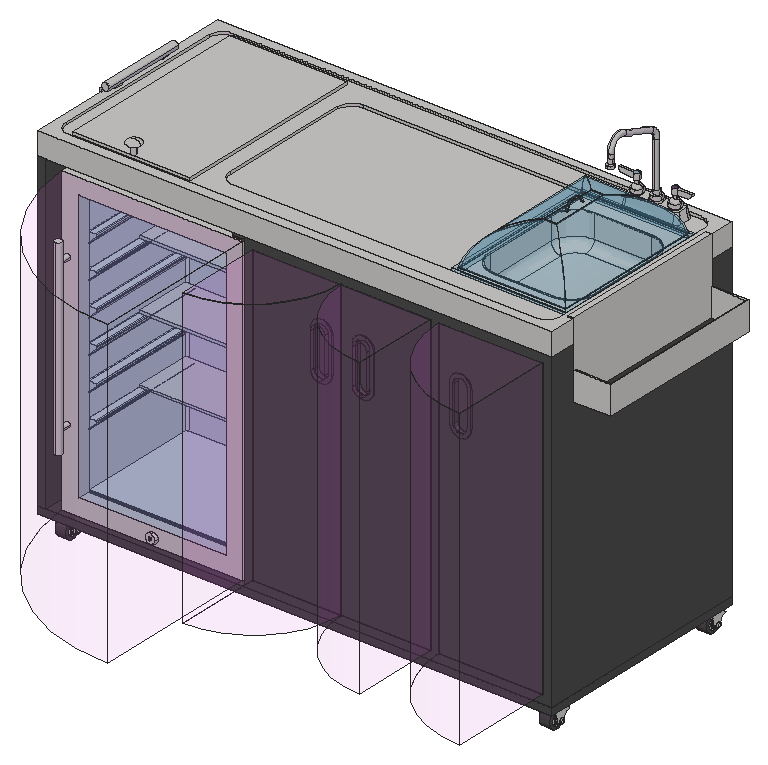
Revit family "QF_Summit_CARTOS54RG_Mobile_Outdoor_Serving_Station_with_Refrigerator", category Specialty Equipment, Revit 2020
Family settings
  Round Connector Dimension = Use Diameter
  Part Type = Normal
  Work Plane-Based = No
  Always vertical = Yes
  Cut with Voids When Loaded = No
  Shared = No
  Room Calculation Point = No
Parameters
  Weight in Pounds = 180
  Watts = Volts * FL Amps  # 0 W
  Volts = 0 V
  URL Cutsheet = ""
  Specification by User = ""
  Specification by Manufacturer = ""
  Show RHD [instance] = yes
  Show LHD [instance] = not(Show RHD)  # no
  Show Clearance [instance] = yes
  Serial Number = ""
  Seismic Rating = ""
  SMACNA No = ""
  Revision Code = ""
  Refrigerant Volume = 0.00 kip
  Refrigerant Type = "R600a"
  Phase = 0
  Number of Poles = 1
  NAFEM Spec ID Number = ""
  Model = "CARTOS54RG"
  Min Ckt Ampacity = 0 A
  Max Overcurrent Protection = 0 A
  Masterspec = ""
  Manufacturer = "Summit"
  Length = 57 7/8"
  Item Number = ""
  Installed By = ""
  Identify Quantity as Lot = yes
  Height = 38 1/2"
  HP = ""
  Furnished By = ""
  Foodservice Equipment Identifier = yes
  FL Amps = 0 A
  Electrical Remarks = ""
  Electric Connection Type = ""
  Elec Conn RI Height = 0"
  Elec Conn Connection Height = 0"
  Description = "Mobile Outdoor Serving Station with Refrigerator"
  Depth = 23 5/8"
  Default Elevation = 0"
  Cycle = 0 Hz
  Conn Plug = ""
  Conn Conduit = yes
  CSI MasterFormat = ""
  Apparent Power = if(Phase = 3, Volts * FL Amps * 1.73, Volts * FL Amps)  # 0 VA
Reference planes (in)
  plane 1 "BACK": y = 0
  plane 2: z = 0
  plane 3 "LEFT": x = -5.125
  plane 4 "RIGHT": x = 48.75
  plane 5 "FRONT": y = -23.625
  plane 6 "TOP": z = 38.5
  plane 7 "Center Y": x = 21.8125
  plane 8 "Center X": y = -11.8125
  plane 9 "Base Height": z = 2.5
  plane 10: y = -38.63
  plane 11: z = 3.25
  plane 12: x = 36
  plane 13: x = 52.75
Forms (in)
  Extrusion 1, solid, material "QF_Metal - Stainless - Polished"
    sketch origin (32, 0, 38.5) x (-1, 0, 0) y (0, -1, 0)
      loop
        line (-16.75, 0) -> (37.125, 0) -> (37.125, 23.625) -> (-16.75, 23.625) -> (-16.75, 0)
      loop
        line (-15.0625, 15.73093) -> (-15.0625, 7.73093)
        arc (-15.0625, 7.73093) -> (-14.31196, 5.91896) -> (-12.5, 5.16843) r 2.5625
        line (-12.5, 5.16843) -> (-6.5, 5.16843)
        arc (-6.5, 5.16843) -> (-4.68804, 5.91896) -> (-3.9375, 7.73093) r 2.5625
        line (-3.9375, 7.73093) -> (-3.9375, 15.73093)
        arc (-3.9375, 15.73093) -> (-4.68804, 17.54289) -> (-6.5, 18.29343) r 2.5625
        line (-6.5, 18.29343) -> (-12.5, 18.29343)
        arc (-12.5, 18.29343) -> (-14.31196, 17.54289) -> (-15.0625, 15.73093) r 2.5625
    from 0 to -2.375
  Sweep 2, solid, material "QF_Metal - Stainless - Polished"
    path origin (31.7054, 0.875, 0) x (1, 0, 0) y (0, 1, 0)
      loop
        arc (4.2946, -16.60593) -> (5.02683, -18.37369) -> (6.7946, -19.10593) r 2.5
        line (6.7946, -19.10593) -> (12.7946, -19.10593)
        arc (12.7946, -19.10593) -> (14.56236, -18.37369) -> (15.2946, -16.60593) r 2.5
        line (15.2946, -16.60593) -> (15.2946, -8.60593)
        arc (15.2946, -8.60593) -> (14.56236, -6.83816) -> (12.7946, -6.10593) r 2.5
        line (12.7946, -6.10593) -> (6.7946, -6.10593)
        arc (6.7946, -6.10593) -> (5.02683, -6.83816) -> (4.2946, -8.60593) r 2.5
        line (4.2946, -8.60593) -> (4.2946, -16.60593)
    profile origin (36, -11.73093, 0) x (-1, 0, 0) y (0, 0, 1)
      loop
        line (0, 38) -> (0, 35.5625)
        arc (0, 35.5625) -> (-0.29289, 34.85539) -> (-1, 34.5625) r 1
        line (-1, 34.5625) -> (-1, 34.5)
        arc (-1, 34.5) -> (-0.2487, 34.8112) -> (0.0625, 35.5625) r 1.0625
        line (0.0625, 35.5625) -> (0.0625, 38) -> (0, 38)
  Extrusion 3, solid, material "QF_Plastic - Black - Smooth"
    sketch origin (-18.18739, -180, 2.5) x (-1, 0, 0) y (0, -1, 0)
      loop
        line (-66.93739, -180) -> (-13.06239, -180) -> (-13.06239, -156.375) -> (-13.93739, -156.375) -> (-13.93739, -179) -> (-34.81239, -179) -> (-34.81239, -156.375) -> (-35.68739, -156.375) -> (-35.68739, -179) -> (-66.06239, -179) -> (-66.06239, -156.375) -> (-66.93739, -156.375) -> (-66.93739, -180)
    from 0.75 to 33.625
  Extrusion 4, solid, material "QF_Plastic - Black - Smooth"
    sketch origin (-4.25, -23.625, 2.5) x (-1, 0, 0) y (0, 0, -1)
      loop
        line (-52.125, -33.625) -> (-41.25, -33.625) -> (-41.25, -32.75) -> (-52.125, -32.75) -> (-52.125, -33.625)
      loop
        line (-40.375, -33.625) -> (-21.75, -33.625) -> (-21.75, -32.75) -> (-40.375, -32.75) -> (-40.375, -33.625)
    from 0 to -1
  Extrusion 5, solid, material "QF_Plastic - Black - Smooth"
    sketch origin (4.5, -1, 2.5) x (1, 0, 0) y (0, 0, 1)
      loop
        line (43.375, 1.625) -> (13, 1.625) -> (13, 0.75) -> (43.375, 0.75) -> (43.375, 1.625)
    from 0 to 22.625
  Extrusion 6, solid, material "QF_Plastic - Black - Smooth"
    sketch origin (20, -23.625, 2.5) x (-1, 0, 0) y (0, 0, -1)
      loop
        line (-27.875, -1.625) -> (-27.875, -32.75) -> (-17, -32.75) -> (-17, -1.625) -> (-27.875, -1.625)
      loop
        line (-16.125, -32.75) -> (-6.8125, -32.75) -> (-6.8125, -1.625) -> (-16.125, -1.625) -> (-16.125, -32.75)
      loop
        line (-6.6875, -32.75) -> (2.5, -32.75) -> (2.5, -1.625) -> (-6.6875, -1.625) -> (-6.6875, -32.75)
    from 0 to -1
  Extrusion 7, void
    sketch origin (7.40962, -23.625, 2.5) x (-1, 0, 0) y (0, 0, -1)
      loop
        arc (-32.59038, -27.625) -> (-31.84038, -28.375) -> (-31.09038, -27.625) r 0.75
        line (-31.09038, -27.625) -> (-31.09038, -23.875)
        arc (-31.09038, -23.875) -> (-31.84038, -23.125) -> (-32.59038, -23.875) r 0.75
        line (-32.59038, -23.875) -> (-32.59038, -27.625)
    from 0.5 to -0.5009
  Extrusion 8, solid, material "QF_Plastic - Black - Smooth"
    sketch origin (27.47212, -23.625, 2.5) x (-1, 0, 0) y (0, 0, -1)
      loop
        arc (3.53462, -23.875) -> (2.78462, -23.125) -> (2.03462, -23.875) r 0.75
        line (2.03462, -23.875) -> (2.03462, -27.625)
        arc (2.03462, -27.625) -> (2.78462, -28.375) -> (3.53462, -27.625) r 0.75
        line (3.53462, -27.625) -> (3.53462, -23.875)
      loop
        line (3.90962, -27.625) -> (3.90962, -23.875)
        arc (3.90962, -23.875) -> (2.78462, -22.75) -> (1.65962, -23.875) r 1.125
        line (1.65962, -23.875) -> (1.65962, -27.625)
        arc (1.65962, -27.625) -> (2.78462, -28.75) -> (3.90962, -27.625) r 1.125
    from 0 to 0.0625
  Extrusion 9, solid, material "QF_Metal - Stainless - Polished"
    sketch origin (17.8135, 0.875, 5.375) x (1, 0, 0) y (0, 1, 0)
      loop
        line (19.1865, -8.60593) -> (19.1865, -16.60593)
        arc (19.1865, -16.60593) -> (19.62584, -17.66659) -> (20.6865, -18.10593) r 1.5
        line (20.6865, -18.10593) -> (26.6865, -18.10593)
        arc (26.6865, -18.10593) -> (27.74716, -17.66659) -> (28.1865, -16.60593) r 1.5
        line (28.1865, -16.60593) -> (28.1865, -8.60593)
        arc (28.1865, -8.60593) -> (27.74716, -7.54527) -> (26.6865, -7.10593) r 1.5
        line (26.6865, -7.10593) -> (20.6865, -7.10593)
        arc (20.6865, -7.10593) -> (19.62584, -7.54527) -> (19.1865, -8.60593) r 1.5
      loop
        circle (22.6865, -15.35593) r 0.875
    from 29.125 to 29.1875
  Extrusion 10, solid, material "QF_Clearances_Door_Drawer", visible <- "Show Clearance"
    sketch origin (-7.19319, 0, 0) x (1, 0, 0) y (0, 1, 0)
      loop
        line (33.88069, -23.625) -> (24.69319, -23.625) -> (24.69319, -32.8125)
        arc (24.69319, -32.8125) -> (31.18974, -30.12154) -> (33.88069, -23.625) r 9.1875
      loop
        arc (34.00569, -23.625) -> (36.73326, -30.20993) -> (43.31819, -32.9375) r 9.3125
        line (43.31819, -32.9375) -> (43.31819, -23.625) -> (34.00569, -23.625)
      loop
        arc (44.19319, -23.625) -> (47.37841, -31.31479) -> (55.06819, -34.5) r 10.875
        line (55.06819, -34.5) -> (55.06819, -23.625) -> (44.19319, -23.625)
    from 4.125 to 35.25
  Extrusion 11, void
    sketch origin (32, 0, 38.5) x (-1, 0, 0) y (0, -1, 0)
      loop
        line (36.125, 2.35593) -> (36.125, 21.125)
        arc (36.125, 21.125) -> (35.68566, 22.18566) -> (34.625, 22.625) r 1.5
        line (34.625, 22.625) -> (-14.25, 22.625)
        arc (-14.25, 22.625) -> (-15.31066, 22.18566) -> (-15.75, 21.125) r 1.5
        line (-15.75, 21.125) -> (-15.75, 2.35593)
        arc (-15.75, 2.35593) -> (-15.31066, 1.29527) -> (-14.25, 0.85593) r 1.5
        line (-14.25, 0.85593) -> (34.625, 0.85593)
        arc (34.625, 0.85593) -> (35.68566, 1.29527) -> (36.125, 2.35593) r 1.5
      loop
        line (-6.5, 18.29343) -> (-12.5, 18.29343)
        arc (-12.5, 18.29343) -> (-14.31196, 17.54289) -> (-15.0625, 15.73093) r 2.5625
        line (-15.0625, 15.73093) -> (-15.0625, 7.73093)
        arc (-15.0625, 7.73093) -> (-14.31196, 5.91896) -> (-12.5, 5.16843) r 2.5625
        line (-12.5, 5.16843) -> (-6.5, 5.16843)
        arc (-6.5, 5.16843) -> (-4.68804, 5.91896) -> (-3.9375, 7.73093) r 2.5625
        line (-3.9375, 7.73093) -> (-3.9375, 15.73093)
        arc (-3.9375, 15.73093) -> (-4.68804, 17.54289) -> (-6.5, 18.29343) r 2.5625
    from -0.25 to 1
  Extrusion 12, void
    sketch origin (32, 0, 38.25) x (-1, 0, 0) y (0, -1, 0)
      loop
        arc (19.25, 3.35593) -> (20.31066, 3.79527) -> (20.75, 4.85593) r 1.5
        line (20.75, 4.85593) -> (20.75, 18.85593)
        arc (20.75, 18.85593) -> (20.31066, 19.91659) -> (19.25, 20.35593) r 1.5
        line (19.25, 20.35593) -> (-15.75, 20.35593) -> (-15.75, 3.35593) -> (19.25, 3.35593)
      loop
        line (22.4375, 1.5) -> (34.6875, 1.5) -> (34.6875, 22) -> (22.4375, 22) -> (22.4375, 1.5)
    from -0.25 to 1
  Extrusion 13, void
    sketch origin (8.05337, -23.625, 7.37985) x (-1, 0, 0) y (0, 0, -1)
      loop
        line (-21.75913, -18.99515) -> (-21.75913, -22.74515)
        arc (-21.75913, -22.74515) -> (-21.00913, -23.49515) -> (-20.25913, -22.74515) r 0.75
        line (-20.25913, -22.74515) -> (-20.25913, -18.99515)
        arc (-20.25913, -18.99515) -> (-21.00913, -18.24515) -> (-21.75913, -18.99515) r 0.75
    from 0.5 to -0.5009
  Extrusion 14, solid, material "QF_Plastic - Black - Smooth"
    sketch origin (22.30337, -23.625, 7.37985) x (-1, 0, 0) y (0, 0, -1)
      loop
        arc (-7.50913, -22.74515) -> (-6.75913, -23.49515) -> (-6.00913, -22.74515) r 0.75
        line (-6.00913, -22.74515) -> (-6.00913, -18.99515)
        arc (-6.00913, -18.99515) -> (-6.75913, -18.24515) -> (-7.50913, -18.99515) r 0.75
        line (-7.50913, -18.99515) -> (-7.50913, -22.74515)
      loop
        arc (-7.88413, -22.74515) -> (-6.75913, -23.87015) -> (-5.63413, -22.74515) r 1.125
        line (-5.63413, -22.74515) -> (-5.63413, -18.99515)
        arc (-5.63413, -18.99515) -> (-6.75913, -17.87015) -> (-7.88413, -18.99515) r 1.125
        line (-7.88413, -18.99515) -> (-7.88413, -22.74515)
    from 0 to 0.0625
  Extrusion 15, solid, material "QF_Plastic - Black - Smooth"
    sketch origin (-11.06091, -180, 2.5) x (-1, 0, 0) y (0, -1, 0)
      loop
        line (-5.93591, -180) -> (-5.93591, -156.375) -> (-59.81091, -156.375) -> (-59.81091, -180) -> (-5.93591, -180)
    from 0 to 0.75
  Extrusion 16, void
    sketch origin (12.42837, -23.625, 7.37985) x (-1, 0, 0) y (0, 0, -1)
      loop
        line (-13.00913, -18.99515) -> (-13.00913, -22.74515)
        arc (-13.00913, -22.74515) -> (-12.25913, -23.49515) -> (-11.50913, -22.74515) r 0.75
        line (-11.50913, -22.74515) -> (-11.50913, -18.99515)
        arc (-11.50913, -18.99515) -> (-12.25913, -18.24515) -> (-13.00913, -18.99515) r 0.75
    from 0.5 to -0.5009
  Extrusion 17, solid, material "QF_Plastic - Black - Smooth"
    sketch origin (32.49087, -23.625, 7.37985) x (-1, 0, 0) y (0, 0, -1)
      loop
        arc (-7.50913, -22.74515) -> (-6.75913, -23.49515) -> (-6.00913, -22.74515) r 0.75
        line (-6.00913, -22.74515) -> (-6.00913, -18.99515)
        arc (-6.00913, -18.99515) -> (-6.75913, -18.24515) -> (-7.50913, -18.99515) r 0.75
        line (-7.50913, -18.99515) -> (-7.50913, -22.74515)
      loop
        arc (-7.88413, -22.74515) -> (-6.75913, -23.87015) -> (-5.63413, -22.74515) r 1.125
        line (-5.63413, -22.74515) -> (-5.63413, -18.99515)
        arc (-5.63413, -18.99515) -> (-6.75913, -17.87015) -> (-7.88413, -18.99515) r 1.125
        line (-7.88413, -18.99515) -> (-7.88413, -22.74515)
    from 0 to 0.0625
  Extrusion 18, solid, material "QF_Plastic - Black - Smooth"
    sketch origin (-4.25, -23.625, 2.5) x (-1, 0, 0) y (0, 0, -1)
      loop
        line (-41.25, -33.625) -> (-40.375, -33.625) -> (-40.375, -0.75) -> (-41.25, -0.75) -> (-41.25, -33.625)
    from 0 to -1
  Sweep 19, solid, material "Glass"
    path origin (39.96005, -0.00258, 38) x (-1, 0, 0) y (0, -1, 0)
      loop
        line (4.26563, 20.35335) -> (-7.78995, 20.35335) -> (-7.78995, 3.35335) -> (4.26563, 3.35335) -> (4.26563, 20.35335)
    profile origin (35.69442, -11.85593, 38) x (-1, 0, 0) y (0, 0, 1)
      loop
        line (0, 0) -> (0, 0.5) -> (-0.5, 0.5) -> (-0.5, 0) -> (0, 0)
  Sweep 20, solid, material "Glass"
    path in 3D
      loop
        line (36.19442, -3.85593, 38.5) -> (47.25, -3.85593, 38.5) -> (47.25, -19.85593, 38.5) -> (36.19442, -19.85593, 38.5) -> (36.19442, -3.85593, 38.5)
    profile origin (36.19442, -11.85593, 38.5) x (-1, 0, 0) y (0, 0, 1)
      loop
        arc (0.12794, 0) -> (-1.6564, 2.93188) -> (-4.8745, 4.12503) r 5.22703
        line (-4.8745, 4.12503) -> (-4.8745, 4)
        arc (-4.8745, 4) -> (-1.74534, 2.84318) -> (0, 0) r 5.10203
        line (0, 0) -> (0.12794, 0)
  Extrusion 21, solid, material "Glass"
    sketch origin (41.6245, -15.56871, 42.49525) x (0, 0, 1) y (0, 1, 0)
      loop
        arc (0.12978, 2.63306) -> (1.00643, 3.76261) -> (0.12978, 4.89216) r 1.16603
        line (0.12978, 4.89216) -> (0.12978, 4.76261)
        arc (0.12978, 4.76261) -> (0.88143, 3.76261) -> (0.12978, 2.76261) r 1.04103
        line (0.12978, 2.76261) -> (0.12978, 2.63306)
    from 0 to -0.251
  Sweep 22, solid, material "Glass", not visible
    path origin (0, 0, 38.25) x (-1, 0, 0) y (0, -1, 0)
      loop
        line (4.26563, 20.35335) -> (-7.78995, 20.35335) -> (-7.78995, 3.35335) -> (4.26563, 3.35335) -> (4.26563, 20.35335)
    profile origin (-4.26563, -11.85335, 38.25) x (-1, 0, 0) y (0, 0, 1)
      loop
        line (0, 0) -> (0, 0.5) -> (-0.5, 0.5) -> (-0.5, 0) -> (0, 0)
  Sweep 23, solid, material "Glass", not visible
    path in 3D
      loop
        line (-3.76563, -3.85335, 38.75) -> (7.28995, -3.85335, 38.75) -> (7.28995, -19.85335, 38.75) -> (-3.76563, -19.85335, 38.75) -> (-3.76563, -3.85335, 38.75)
    profile origin (-3.76563, -11.85335, 38.75) x (-1, 0, 0) y (0, 0, 1)
      loop
        arc (0.12794, 0) -> (-1.6564, 2.93188) -> (-4.8745, 4.12503) r 5.22703
        line (-4.8745, 4.12503) -> (-4.8745, 4)
        arc (-4.8745, 4) -> (-1.74534, 2.84318) -> (0, 0) r 5.10203
        line (0, 0) -> (0.12794, 0)
  Extrusion 24, solid, material "Glass", not visible
    sketch origin (1.66445, -15.56613, 42.74525) x (0, 0, 1) y (0, 1, 0)
      loop
        arc (0.12978, 2.63306) -> (1.00643, 3.76261) -> (0.12978, 4.89216) r 1.16603
        line (0.12978, 4.89216) -> (0.12978, 4.76261)
        arc (0.12978, 4.76261) -> (0.88143, 3.76261) -> (0.12978, 2.76261) r 1.04103
        line (0.12978, 2.76261) -> (0.12978, 2.63306)
    from 0 to -0.251
  Extrusion 25, solid, material "Glass"
    sketch origin (41.06892, -14.98142, 42.5) x (0, 1, 0) y (0, 0, 1)
      loop
        line (0, 0) -> (6.251, 0) -> (6.251, 0.12503) -> (0, 0.12503) -> (0, 0)
    from 0 to 1.30657
  Extrusion 26, solid, material "Glass", not visible
    sketch origin (1.10888, -14.97885, 42.75) x (0, 1, 0) y (0, 0, 1)
      loop
        line (0, 0) -> (6.251, 0) -> (6.251, 0.12503) -> (0, 0.12503) -> (0, 0)
    from 0 to 1.30657
  Extrusion 27, solid, material "QF_Metal - Stainless - Polished"
    sketch origin (43.625, 0, 38.5) x (1, 0, 0) y (0, 1, 0)
      loop
        line (9.125, -2.8125) -> (5.125, -2.8125) -> (5.125, -20.8125) -> (9.125, -20.8125) -> (9.125, -2.8125)
      loop
        line (9, -2.9375) -> (5.25, -2.9375) -> (5.25, -20.6875) -> (9, -20.6875) -> (9, -2.9375)
    from -4.75 to -7.75
  Extrusion 28, solid, material "QF_Metal - Stainless - Polished"
    sketch origin (43.625, -11.8125, 0) x (1, 0, 0) y (0, 0, -1)
      loop
        line (5.25, -33.75) -> (5.125, -33.75) -> (5.125, -38.5) -> (4.625, -38.5) -> (4.625, -38.625) -> (5.25, -38.625) -> (5.25, -33.75)
    from -9 to 9
  Extrusion 29, solid, material "QF_Metal - Stainless - Polished"
    sketch origin (43.625, 0, 0) x (-1, 0, 0) y (0, 0, -1)
      loop
        circle (47.5, -39.77998) r 0.375
    from 7.23093 to 16.24046
  Extrusion 30, solid, material "QF_Metal - Stainless - Polished"
    sketch origin (43.625, 0, 0) x (-1, 0, 0) y (0, 0, -1)
      loop
        arc (47.25, -39.50047) -> (47.52746, -39.40598) -> (47.78815, -39.53999) r 0.375
        line (47.78815, -39.53999) -> (48.83236, -38.80883)
        arc (48.83236, -38.80883) -> (48.8637, -38.77309) -> (48.875, -38.72691) r 0.1
        line (48.875, -38.72691) -> (48.875, -37.66184) -> (48.75, -37.66184) -> (48.75, -38.66184)
        arc (48.75, -38.66184) -> (48.7387, -38.70801) -> (48.70736, -38.74376) r 0.1
        line (48.70736, -38.74376) -> (47.85473, -39.34077)
        arc (47.85473, -39.34077) -> (47.80199, -39.35875) -> (47.74781, -39.34571) r 0.1
        arc (47.74781, -39.34571) -> (47.62819, -39.29669) -> (47.5, -39.27998) r 0.5
        arc (47.5, -39.27998) -> (47.37059, -39.29701) -> (47.25, -39.34696) r 0.5
        line (47.25, -39.34696) -> (47.25, -39.50047)
    from 8.24046 to 8.99046
  Extrusion 31, solid, material "QF_Metal - Stainless - Polished"
    sketch origin (43.625, -11.8125, 0) x (1, 0, 0) y (0, 0, -1)
      loop
        line (-47.85473, -39.34077) -> (-48.70736, -38.74376)
        arc (-48.70736, -38.74376) -> (-48.7387, -38.70801) -> (-48.75, -38.66184) r 0.1
        line (-48.75, -38.66184) -> (-48.75, -37.66184) -> (-48.875, -37.66184) -> (-48.875, -38.72691)
        arc (-48.875, -38.72691) -> (-48.8637, -38.77309) -> (-48.83236, -38.80883) r 0.1
        line (-48.83236, -38.80883) -> (-47.78815, -39.53999)
        arc (-47.78815, -39.53999) -> (-47.52746, -39.40598) -> (-47.25, -39.50047) r 0.375
        line (-47.25, -39.50047) -> (-47.25, -39.34696)
        arc (-47.25, -39.34696) -> (-47.37059, -39.29701) -> (-47.5, -39.27998) r 0.5
        arc (-47.5, -39.27998) -> (-47.62819, -39.29669) -> (-47.74781, -39.34571) r 0.5
        arc (-47.74781, -39.34571) -> (-47.80199, -39.35875) -> (-47.85473, -39.34077) r 0.1
    from -2.67796 to -3.42796
  Extrusion 32, solid, material "QF_Metal - Stainless - Polished"
    sketch origin (11.625, 0, 38.25) x (1, 0, 0) y (0, 1, 0)
      loop
        line (-2.0625, -1.5) -> (-14.3125, -1.5) -> (-14.3125, -22) -> (-2.0625, -22) -> (-2.0625, -1.5)
    from 0 to 0.25
  Revolve 33, solid, material "QF_Metal - Stainless - Polished"
    sketch origin (43.625, -21.65625, 0) x (1, 0, 0) y (0, 0, -1)
      loop
        line (-40.1875, -38.5) -> (-40.1875, -39.84973)
        arc (-40.1875, -39.84973) -> (-39.76578, -39.77505) -> (-39.4375, -39.5) r 0.82968
        line (-39.4375, -39.5) -> (-39.9375, -39.5) -> (-39.9375, -38.5) -> (-40.1875, -38.5)
      axis (-40.1875, -39.84973) -> (-40.1875, -38.5)
    angle from 0 to 360
Cuts and joins
  joined: Extrusion 3, Extrusion 4, Extrusion 5, Extrusion 18
  Extrusion 7, Extrusion 13, Extrusion 16 cuts Extrusion 6
  Extrusion 13 cuts Extrusion 8
  Extrusion 13, Extrusion 16 cuts Extrusion 10
  Extrusion 13, Extrusion 16 cuts Extrusion 14
  Extrusion 11, Extrusion 12 cuts Extrusion 1
  Extrusion 16 cuts Extrusion 17
  joined: Sweep 2, Extrusion 9
  joined: Sweep 19, Sweep 20, Extrusion 21, Extrusion 25
  joined: Extrusion 27, Extrusion 28
Lines and regions (in)
  Split face 1
    outline origin (11.625, 0, 38.5) x (1, 0, 0) y (0, 1, 0)
      loop
        line (-2.75, -2.1875) -> (-13.625, -2.1875) -> (-13.625, -21.3125) -> (-2.75, -21.3125) -> (-2.75, -2.1875)
  Split face 2
    outline origin (12.75, -3.35593, 38) x (0, -1, 0) y (1, 0, 0)
      loop
        arc (1.875, 0.375) -> (2.25, 0) -> (2.625, 0.375) r 0.375
        line (2.625, 0.375) -> (2.625, 21.125)
        arc (2.625, 21.125) -> (2.25, 21.5) -> (1.875, 21.125) r 0.375
        line (1.875, 21.125) -> (1.875, 0.375)
  Split face 3
    outline origin (12.75, -3.35593, 38) x (0, -1, 0) y (1, 0, 0)
      loop
        line (3.125, 21.125) -> (3.125, 0.375)
        arc (3.125, 0.375) -> (3.5, 0) -> (3.875, 0.375) r 0.375
        line (3.875, 0.375) -> (3.875, 21.125)
        arc (3.875, 21.125) -> (3.5, 21.5) -> (3.125, 21.125) r 0.375
  Split face 4
    outline origin (12.75, -3.35593, 38) x (0, -1, 0) y (1, 0, 0)
      loop
        line (4.375, 21.125) -> (4.375, 0.375)
        arc (4.375, 0.375) -> (4.75, 0) -> (5.125, 0.375) r 0.375
        line (5.125, 0.375) -> (5.125, 21.125)
        arc (5.125, 21.125) -> (4.75, 21.5) -> (4.375, 21.125) r 0.375
  Split face 5
    outline origin (12.75, -3.35593, 38) x (0, -1, 0) y (1, 0, 0)
      loop
        arc (6.375, 21.125) -> (6, 21.5) -> (5.625, 21.125) r 0.375
        line (5.625, 21.125) -> (5.625, 0.375)
        arc (5.625, 0.375) -> (6, 0) -> (6.375, 0.375) r 0.375
        line (6.375, 0.375) -> (6.375, 21.125)
  Split face 6
    outline origin (12.75, -3.35593, 38) x (0, -1, 0) y (1, 0, 0)
      loop
        arc (6.875, 0.375) -> (7.25, 0) -> (7.625, 0.375) r 0.375
        line (7.625, 0.375) -> (7.625, 21.125)
        arc (7.625, 21.125) -> (7.25, 21.5) -> (6.875, 21.125) r 0.375
        line (6.875, 21.125) -> (6.875, 0.375)
  Split face 7
    outline origin (12.75, -3.35593, 38) x (0, -1, 0) y (1, 0, 0)
      loop
        arc (8.125, 0.375) -> (8.5, 0) -> (8.875, 0.375) r 0.375
        line (8.875, 0.375) -> (8.875, 21.125)
        arc (8.875, 21.125) -> (8.5, 21.5) -> (8.125, 21.125) r 0.375
        line (8.125, 21.125) -> (8.125, 0.375)
  Split face 8
    outline origin (12.75, -3.35593, 38) x (0, -1, 0) y (1, 0, 0)
      loop
        line (9.375, 21.125) -> (9.375, 0.375)
        arc (9.375, 0.375) -> (9.75, 0) -> (10.125, 0.375) r 0.375
        line (10.125, 0.375) -> (10.125, 21.125)
        arc (10.125, 21.125) -> (9.75, 21.5) -> (9.375, 21.125) r 0.375
  Split face 9
    outline origin (12.75, -3.35593, 38) x (0, -1, 0) y (1, 0, 0)
      loop
        arc (10.625, 0.375) -> (11, 0) -> (11.375, 0.375) r 0.375
        line (11.375, 0.375) -> (11.375, 21.125)
        arc (11.375, 21.125) -> (11, 21.5) -> (10.625, 21.125) r 0.375
        line (10.625, 21.125) -> (10.625, 0.375)
  Split face 10
    outline origin (12.75, -3.35593, 38) x (0, -1, 0) y (1, 0, 0)
      loop
        line (11.875, 21.125) -> (11.875, 0.375)
        arc (11.875, 0.375) -> (12.25, 0) -> (12.625, 0.375) r 0.375
        line (12.625, 0.375) -> (12.625, 21.125)
        arc (12.625, 21.125) -> (12.25, 21.5) -> (11.875, 21.125) r 0.375
  Split face 11
    outline origin (12.75, -3.35593, 38) x (0, -1, 0) y (1, 0, 0)
      loop
        line (13.125, 21.125) -> (13.125, 0.375)
        arc (13.125, 0.375) -> (13.5, 0) -> (13.875, 0.375) r 0.375
        line (13.875, 0.375) -> (13.875, 21.125)
        arc (13.875, 21.125) -> (13.5, 21.5) -> (13.125, 21.125) r 0.375
  Split face 12
    outline origin (12.75, -3.35593, 38) x (0, -1, 0) y (1, 0, 0)
      loop
        line (14.375, 21.125) -> (14.375, 0.375)
        arc (14.375, 0.375) -> (14.75, 0) -> (15.125, 0.375) r 0.375
        line (15.125, 0.375) -> (15.125, 21.125)
        arc (15.125, 21.125) -> (14.75, 21.5) -> (14.375, 21.125) r 0.375
  sketch lines
    curve 1: line (36.19442, -19.85593, 38.5) -> (36.19442, -3.85593, 38.5)
    curve 2: line (36.19442, -3.85593, 38.5) -> (47.25, -3.85593, 38.5)
    curve 3: line (47.25, -19.85593, 38.5) -> (36.19442, -19.85593, 38.5)
    curve 4: line (47.25, -3.85593, 38.5) -> (47.25, -19.85593, 38.5)
  sketch lines, not visible
    curve 5: line (-3.76563, -19.85335, 38.75) -> (-3.76563, -3.85335, 38.75)
    curve 6: line (-3.76563, -3.85335, 38.75) -> (7.28995, -3.85335, 38.75)
    curve 7: line (7.28995, -19.85335, 38.75) -> (-3.76563, -19.85335, 38.75)
    curve 8: line (7.28995, -3.85335, 38.75) -> (7.28995, -19.85335, 38.75)
  symbolic lines
    curve 9: line (35.69442, -3.3585, 38.5) -> (37.42775, -3.3585, 38.5)
    curve 10: line (35.69442, -20.35593, 38.5) -> (35.69442, -3.3585, 38.5)
    curve 11: line (47.75, -20.35593, 38.5) -> (35.69442, -20.35593, 38.5)
    curve 12: line (47.75, -3.35593, 38.5) -> (47.75, -20.35593, 38.5)
    curve 13: line (41.6245, -10.67655, 38.5) -> (41.8755, -10.67655, 38.5)
    curve 14: line (41.6245, -12.93564, 38.5) -> (41.6245, -10.67655, 38.5)
    curve 15: line (41.8755, -12.93564, 38.5) -> (41.6245, -12.93564, 38.5)
    curve 16: line (41.8755, -10.67655, 38.5) -> (41.8755, -12.93564, 38.5)
    curve 25: line (-5.125, 0, 38.5) -> (48.75, 0, 38.5)
    curve 26: line (-5.125, -23.625, 38.5) -> (-5.125, -15.24046, 38.5)
    curve 27: line (48.75, -23.625, 38.5) -> (-5.125, -23.625, 38.5)
    curve 28: line (48.75, 0, 38.5) -> (48.75, -2.8125, 38.5)
    curve 29: line (48.75, -20.875, 38.5) -> (48.75, -23.625, 38.5)
    curve 30: arc (46.25, -0.85593, 38.5) -> (47.31066, -1.29527, 38.5) -> (47.75, -2.35593, 38.5) r 1.5
    curve 31: line (47.75, -2.35593, 38.5) -> (47.75, -7.23093, 38.5)
    curve 32: arc (47.75, -21.125, 38.5) -> (47.31066, -22.18566, 38.5) -> (46.25, -22.625, 38.5) r 1.5
    curve 33: line (46.25, -22.625, 38.5) -> (-2.625, -22.625, 38.5)
    curve 34: arc (-2.625, -22.625, 38.5) -> (-3.68566, -22.18566, 38.5) -> (-4.125, -21.125, 38.5) r 1.5
    curve 35: arc (-4.125, -2.35593, 38.5) -> (-3.68566, -1.29527, 38.5) -> (-2.625, -0.85593, 38.5) r 1.5
    curve 36: line (-2.625, -0.85593, 38.5) -> (46.25, -0.85593, 38.5)
    curve 37: line (47.75, -16.24046, 38.5) -> (47.75, -21.125, 38.5)
    curve 38: line (12.75, -20.35593, 38.5) -> (47.75, -20.35593, 38.5)
    curve 39: line (-5.125, -8.25, 38.5) -> (-5.125, 0, 38.5)
    curve 40: line (36.06648, -3.72798, 38.5) -> (42.19091, -3.72798, 38.5)
    curve 41: line (36.06648, -19.98387, 38.5) -> (36.06648, -3.72798, 38.5)
    curve 42: line (47.37794, -19.98387, 38.5) -> (36.06648, -19.98387, 38.5)
    curve 43: line (47.37794, -3.72798, 38.5) -> (47.37794, -19.98387, 38.5)
    curve 44: line (42.3755, -8.73043, 38.5) -> (47.37794, -3.72798, 38.5)
    curve 45: line (36.06648, -3.72798, 38.5) -> (41.06892, -8.73043, 38.5)
    curve 46: line (41.06892, -14.98142, 38.5) -> (36.06648, -19.98387, 38.5)
    curve 47: line (47.25, -19.85593, 38.5) -> (42.3755, -14.98142, 38.5)
    curve 48: line (41.06892, -8.73043, 38.5) -> (42.3755, -8.73043, 38.5)
    curve 49: line (41.06892, -14.98142, 38.5) -> (41.06892, -8.73043, 38.5)
    curve 50: line (42.3755, -14.98142, 38.5) -> (41.06892, -14.98142, 38.5)
    curve 51: line (42.3755, -8.73043, 38.5) -> (42.3755, -14.98142, 38.5)
    curve 64: line (47.75, -21.125, 38.5) -> (47.75, -2.35593, 38.5)
    curve 65: line (52.75, -2.8125, 38.5) -> (48.25, -2.8125, 38.5)
    curve 66: line (52.75, -20.8125, 38.5) -> (52.75, -2.8125, 38.5)
    curve 67: line (48.25, -20.8125, 38.5) -> (52.75, -20.8125, 38.5)
    curve 68: line (48.25, -2.8125, 38.5) -> (48.25, -20.8125, 38.5)
    curve 69: line (52.625, -2.9375, 38.5) -> (48.875, -2.9375, 38.5)
    curve 70: line (52.625, -20.6875, 38.5) -> (52.625, -2.9375, 38.5)
    curve 71: line (48.875, -20.6875, 38.5) -> (52.625, -20.6875, 38.5)
    curve 72: line (48.875, -2.9375, 38.5) -> (48.875, -20.6875, 38.5)
    curve 73: line (-4.22973, -8.24046, 38.5) -> (-5.25, -8.24046, 38.5)
    curve 74: line (-5.25, -8.24046, 38.5) -> (-5.25, -8.99046, 38.5)
    curve 75: line (-5.25, -8.99046, 38.5) -> (-4.22973, -8.99046, 38.5)
    curve 76: line (-4.22973, -14.49046, 38.5) -> (-5.25, -14.49046, 38.5)
    curve 77: line (-5.25, -14.49046, 38.5) -> (-5.25, -15.24046, 38.5)
    curve 78: line (-5.25, -15.24046, 38.5) -> (-4.22973, -15.24046, 38.5)
    curve 79: line (-3.5, -7.23093, 38.5) -> (-4.25, -7.23093, 38.5)
    curve 80: line (-3.5, -16.24046, 38.5) -> (-3.5, -7.23093, 38.5)
    curve 81: line (-4.25, -16.24046, 38.5) -> (-3.5, -16.24046, 38.5)
    curve 82: line (-4.25, -7.23093, 38.5) -> (-4.25, -16.24046, 38.5)
    curve 83: line (-5.125, -8.99046, 38.5) -> (-5.125, -14.49046, 38.5)
    curve 84: line (-2.6875, -22, 38.5) -> (-2.6875, -1.5, 38.5)
    curve 85: line (-2.6875, -1.5, 38.5) -> (9.5625, -1.5, 38.5)
    curve 86: line (9.5625, -1.5, 38.5) -> (9.5625, -22, 38.5)
    curve 87: line (9.5625, -22, 38.5) -> (4.10409, -22, 38.5)
    curve 88: line (8.875, -21.3125, 38.5) -> (4.10409, -21.3125, 38.5)
    curve 89: line (8.875, -2.1875, 38.5) -> (8.875, -21.3125, 38.5)
    curve 90: line (-2, -21.3125, 38.5) -> (-2, -2.1875, 38.5)
    curve 91: line (-2, -2.1875, 38.5) -> (8.875, -2.1875, 38.5)
    curve 92: circle (3.4375, -21.65625, 38.5) r 0.75 normal (0, 0, -1)
    curve 93: line (2.77091, -21.3125, 38.5) -> (-2, -21.3125, 38.5)
    curve 94: line (2.77091, -22, 38.5) -> (-2.6875, -22, 38.5)
    curve 100: arc (11.25, -4.85593, 38.5) -> (11.68934, -3.79527, 38.5) -> (12.75, -3.35593, 38.5) r 1.5
    curve 101: line (11.25, -18.85593, 38.5) -> (11.25, -4.85593, 38.5)
    curve 102: arc (12.75, -20.35593, 38.5) -> (11.68934, -19.91659, 38.5) -> (11.25, -18.85593, 38.5) r 1.5
    curve 103: line (13.125, -5.23093, 38.5) -> (33.875, -5.23093, 38.5)
    curve 104: arc (33.875, -5.23093, 38.5) -> (34.25, -5.60593, 38.5) -> (33.875, -5.98093, 38.5) r 0.375
    curve 105: line (33.875, -5.98093, 38.5) -> (13.125, -5.98093, 38.5)
    curve 106: arc (13.125, -5.98093, 38.5) -> (12.75, -5.60593, 38.5) -> (13.125, -5.23093, 38.5) r 0.375
    curve 107: line (33.875, -6.48093, 38.5) -> (13.125, -6.48093, 38.5)
    curve 108: arc (13.125, -6.48093, 38.5) -> (12.75, -6.85593, 38.5) -> (13.125, -7.23093, 38.5) r 0.375
    curve 109: line (13.125, -7.23093, 38.5) -> (33.875, -7.23093, 38.5)
    curve 110: arc (33.875, -7.23093, 38.5) -> (34.25, -6.85593, 38.5) -> (33.875, -6.48093, 38.5) r 0.375
    curve 111: line (33.875, -7.73093, 38.5) -> (13.125, -7.73093, 38.5)
    curve 112: arc (13.125, -7.73093, 38.5) -> (12.75, -8.10593, 38.5) -> (13.125, -8.48093, 38.5) r 0.375
    curve 113: line (13.125, -8.48093, 38.5) -> (33.875, -8.48093, 38.5)
    curve 114: arc (33.875, -8.48093, 38.5) -> (34.25, -8.10593, 38.5) -> (33.875, -7.73093, 38.5) r 0.375
    curve 115: line (13.125, -8.98093, 38.5) -> (33.875, -8.98093, 38.5)
    curve 116: arc (33.875, -8.98093, 38.5) -> (34.25, -9.35593, 38.5) -> (33.875, -9.73093, 38.5) r 0.375
    curve 117: line (33.875, -9.73093, 38.5) -> (13.125, -9.73093, 38.5)
    curve 118: arc (13.125, -9.73093, 38.5) -> (12.75, -9.35593, 38.5) -> (13.125, -8.98093, 38.5) r 0.375
    curve 119: line (13.125, -10.23093, 38.5) -> (33.875, -10.23093, 38.5)
    curve 120: arc (33.875, -10.23093, 38.5) -> (34.25, -10.60593, 38.5) -> (33.875, -10.98093, 38.5) r 0.375
    curve 121: line (33.875, -10.98093, 38.5) -> (13.125, -10.98093, 38.5)
    curve 122: arc (13.125, -10.98093, 38.5) -> (12.75, -10.60593, 38.5) -> (13.125, -10.23093, 38.5) r 0.375
    curve 123: line (13.125, -11.48093, 38.5) -> (33.875, -11.48093, 38.5)
    curve 124: arc (33.875, -11.48093, 38.5) -> (34.25, -11.85593, 38.5) -> (33.875, -12.23093, 38.5) r 0.375
    curve 125: line (33.875, -12.23093, 38.5) -> (13.125, -12.23093, 38.5)
    curve 126: arc (13.125, -12.23093, 38.5) -> (12.75, -11.85593, 38.5) -> (13.125, -11.48093, 38.5) r 0.375
    curve 127: line (33.875, -12.73093, 38.5) -> (13.125, -12.73093, 38.5)
    curve 128: arc (13.125, -12.73093, 38.5) -> (12.75, -13.10593, 38.5) -> (13.125, -13.48093, 38.5) r 0.375
    curve 129: line (13.125, -13.48093, 38.5) -> (33.875, -13.48093, 38.5)
    curve 130: arc (33.875, -13.48093, 38.5) -> (34.25, -13.10593, 38.5) -> (33.875, -12.73093, 38.5) r 0.375
    curve 131: line (13.125, -13.98093, 38.5) -> (33.875, -13.98093, 38.5)
    curve 132: arc (33.875, -13.98093, 38.5) -> (34.25, -14.35593, 38.5) -> (33.875, -14.73093, 38.5) r 0.375
    curve 133: line (33.875, -14.73093, 38.5) -> (13.125, -14.73093, 38.5)
    curve 134: arc (13.125, -14.73093, 38.5) -> (12.75, -14.35593, 38.5) -> (13.125, -13.98093, 38.5) r 0.375
    curve 135: line (33.875, -15.23093, 38.5) -> (13.125, -15.23093, 38.5)
    curve 136: arc (13.125, -15.23093, 38.5) -> (12.75, -15.60593, 38.5) -> (13.125, -15.98093, 38.5) r 0.375
    curve 137: line (13.125, -15.98093, 38.5) -> (33.875, -15.98093, 38.5)
    curve 138: arc (33.875, -15.98093, 38.5) -> (34.25, -15.60593, 38.5) -> (33.875, -15.23093, 38.5) r 0.375
    curve 139: line (33.875, -16.48093, 38.5) -> (13.125, -16.48093, 38.5)
    curve 140: arc (13.125, -16.48093, 38.5) -> (12.75, -16.85593, 38.5) -> (13.125, -17.23093, 38.5) r 0.375
    curve 141: line (13.125, -17.23093, 38.5) -> (33.875, -17.23093, 38.5)
    curve 142: arc (33.875, -17.23093, 38.5) -> (34.25, -16.85593, 38.5) -> (33.875, -16.48093, 38.5) r 0.375
    curve 143: line (33.875, -17.73093, 38.5) -> (13.125, -17.73093, 38.5)
    curve 144: arc (13.125, -17.73093, 38.5) -> (12.75, -18.10593, 38.5) -> (13.125, -18.48093, 38.5) r 0.375
    curve 145: line (13.125, -18.48093, 38.5) -> (33.875, -18.48093, 38.5)
    curve 146: arc (33.875, -18.48093, 38.5) -> (34.25, -18.10593, 38.5) -> (33.875, -17.73093, 38.5) r 0.375
    curve 147: line (47.75, -3.35593, 38.5) -> (45.9977, -3.35593, 38.5)
    curve 148: line (-4.125, -2.35593, 38.5) -> (-4.125, -7.23093, 38.5)
    curve 149: line (-4.125, -16.24046, 38.5) -> (-4.125, -21.125, 38.5)
    curve 150: arc (35.9375, -7.73093, 38.5) -> (36.68804, -5.91896, 38.5) -> (38.5, -5.16843, 38.5) r 2.5625
    curve 151: line (44.5, -5.16843, 38.5) -> (42.83496, -5.16843, 38.5)
    curve 152: arc (44.5, -5.16843, 38.5) -> (46.31196, -5.91896, 38.5) -> (47.0625, -7.73093, 38.5) r 2.5625
    curve 153: line (47.0625, -15.73093, 38.5) -> (47.0625, -7.73093, 38.5)
    curve 154: arc (47.0625, -15.73093, 38.5) -> (46.31196, -17.54289, 38.5) -> (44.5, -18.29343, 38.5) r 2.5625
    curve 155: line (38.5, -18.29343, 38.5) -> (44.5, -18.29343, 38.5)
    curve 156: arc (38.5, -18.29343, 38.5) -> (36.68804, -17.54289, 38.5) -> (35.9375, -15.73093, 38.5) r 2.5625
    curve 157: line (35.9375, -7.73093, 38.5) -> (35.9375, -15.73093, 38.5)
    curve 158: arc (39.625, -14.48093, 38.5) -> (40.5, -13.60593, 38.5) -> (41.375, -14.48093, 38.5) r 0.875
    curve 159: arc (41.375, -14.48093, 38.5) -> (40.5, -15.35593, 38.5) -> (39.625, -14.48093, 38.5) r 0.875
    curve 160: line (42.20371, -3.35593, 38.5) -> (39.44908, -3.35593, 38.5)
    curve 161: line (45.55424, -3.35593, 38.5) -> (42.82937, -3.35593, 38.5)
    curve 162: line (38.99293, -3.35593, 38.5) -> (12.75, -3.35593, 38.5)
    curve 163: line (42.20951, -5.16843, 38.5) -> (38.5, -5.16843, 38.5)
    curve 164: line (35.69442, -3.35593, 38.5) -> (38.94442, -3.35593, 38.5)
    curve 165: line (39.44442, -3.35593, 38.5) -> (42.19442, -3.35593, 38.5)
    curve 166: line (42.81348, -3.35593, 38.5) -> (45.55424, -3.35593, 38.5)
    curve 167: line (46, -3.35593, 38.5) -> (47.75, -3.35593, 38.5)
    curve 172: line (42.8346, -3.72798, 38.5) -> (47.37794, -3.72798, 38.5)
  symbolic lines, not visible
    curve 17: line (-4.26563, -3.35593, 38.75) -> (-2.5323, -3.35593, 38.75)
    curve 18: line (-4.26563, -20.35335, 38.75) -> (-4.26563, -3.35593, 38.75)
    curve 19: line (7.78995, -20.35335, 38.75) -> (-4.26563, -20.35335, 38.75)
    curve 20: line (7.78995, -3.35335, 38.75) -> (7.78995, -20.35335, 38.75)
    curve 21: line (1.66445, -10.67397, 38.75) -> (1.91545, -10.67397, 38.75)
    curve 22: line (1.66445, -12.93307, 38.75) -> (1.66445, -10.67397, 38.75)
    curve 23: line (1.91545, -12.93307, 38.75) -> (1.66445, -12.93307, 38.75)
    curve 24: line (1.91545, -10.67397, 38.75) -> (1.91545, -12.93307, 38.75)
    curve 52: line (-3.89357, -3.72541, 38.75) -> (2.23086, -3.72541, 38.75)
    curve 53: line (-3.89357, -19.98129, 38.75) -> (-3.89357, -3.72541, 38.75)
    curve 54: line (7.41789, -19.98129, 38.75) -> (-3.89357, -19.98129, 38.75)
    curve 55: line (7.41789, -3.72541, 38.75) -> (7.41789, -19.98129, 38.75)
    curve 56: line (2.41545, -8.72785, 38.75) -> (7.41789, -3.72541, 38.75)
    curve 57: line (-3.89357, -3.72541, 38.75) -> (1.10888, -8.72785, 38.75)
    curve 58: line (1.10888, -14.97885, 38.75) -> (-3.89357, -19.98129, 38.75)
    curve 59: line (7.28995, -19.85335, 38.75) -> (2.41545, -14.97885, 38.75)
    curve 60: line (1.10888, -8.72785, 38.75) -> (2.41545, -8.72785, 38.75)
    curve 61: line (1.10888, -14.97885, 38.75) -> (1.10888, -8.72785, 38.75)
    curve 62: line (2.41545, -14.97885, 38.75) -> (1.10888, -14.97885, 38.75)
    curve 63: line (2.41545, -8.72785, 38.75) -> (2.41545, -14.97885, 38.75)
    curve 168: line (-4.26563, -3.35335, 38.75) -> (-1.01563, -3.35335, 38.75)
    curve 169: line (-0.51563, -3.35335, 38.75) -> (2.23437, -3.35335, 38.75)
    curve 170: line (2.85343, -3.35335, 38.75) -> (5.59419, -3.35335, 38.75)
    curve 171: line (6.03995, -3.35335, 38.75) -> (7.78995, -3.35335, 38.75)
    curve 173: line (2.87455, -3.72541, 38.75) -> (7.41789, -3.72541, 38.75)
  symbolic lines, style "QF_Clearances_Door_Drawer", visible <- "Show Clearance"
    curve 95: arc (37, -23.625, 38.5) -> (37.37056, -26.43966, 38.5) -> (38.45697, -29.0625, 38.5) r 10.875
    curve 96: line (38.45697, -29.0625, 38.5) -> (47.875, -23.625, 38.5)
    curve 97: arc (26.8125, -23.625, 38.5) -> (27.12982, -26.03525, 38.5) -> (28.06014, -28.28125, 38.5) r 9.3125
    curve 98: line (28.06014, -28.28125, 38.5) -> (36.125, -23.625, 38.5)
    curve 99: line (17.5, -23.625, 38.5) -> (25.45661, -28.21875, 38.5)
    curve 174: arc (26.6875, -23.625, 38.5) -> (26.37444, -26.0029, 38.5) -> (25.45661, -28.21875, 38.5) r 9.1875
Dimensions and locks (in)
  equal spacing: plane 3 "LEFT", plane 7 "Center Y", plane 4 "RIGHT"
  equal spacing: plane 5 "FRONT", plane 8 "Center X", plane 1 "BACK"
  "Depth": plane 5 "FRONT" to plane 1 "BACK"
  "Height": plane 6 "TOP" to level
  plane 10 to plane 1 "BACK" = 38.63"
  plane 6 "TOP" to plane 11 = 35 1/4"
  plane 3 "LEFT" to plane 13 = 57 7/8"
  plane 4 "RIGHT" to plane 13 = 4"
  plane 3 "LEFT" to plane 4 "RIGHT" = 53 7/8"
  aligned and locked: level to plane 2
Automatic sketch dimensions
  Extrusion 21 sketch curve to Extrusion 21 sketch curve = 0"  (x4)
  Extrusion 21 sketch curve to Extrusion 21 sketch curve = 1"
  Extrusion 21 sketch curve to Extrusion 21 sketch curve = 0.12955"
  Extrusion 21 sketch curve to Extrusion 21 sketch curve = 0.28938"  (x2)
  Extrusion 24 sketch curve to Extrusion 24 sketch curve = 0"  (x4)
  Extrusion 24 sketch curve to Extrusion 24 sketch curve = 1"
  Extrusion 24 sketch curve to Extrusion 24 sketch curve = 0.12955"
  Extrusion 24 sketch curve to Extrusion 24 sketch curve = 0.28938"  (x2)
  Sweep 20 sketch curve to Sweep 20 sketch curve = 0"  (x3)
  Sweep 20 sketch curve to profile plane = 0"
  profile plane to Sweep 20 sketch curve = 4.8745"
  Sweep 20 sketch curve to profile plane = 1.1009"
  profile plane to Sweep 20 sketch curve = 0"
  profile plane to Sweep 20 sketch curve = 4.98184"
  Sweep 20 sketch curve to Sweep 20 sketch curve = 0.12794"
  Sweep 23 sketch curve to Sweep 23 sketch curve = 0"  (x3)
  Sweep 23 sketch curve to profile plane = 0"
  profile plane to Sweep 23 sketch curve = 4.8745"
  Sweep 23 sketch curve to profile plane = 1.1009"
  profile plane to Sweep 23 sketch curve = 0"
  profile plane to Sweep 23 sketch curve = 4.98184"
  Sweep 23 sketch curve to Sweep 23 sketch curve = 0.12794"
  Extrusion 25 sketch curve to Sweep 20 = 0"  (x4)
  Sweep 19 sketch curve to profile plane = 0"  (x2)
  profile plane to Sweep 19 sketch curve = 1/2"  (x2)
  Sweep 19 sketch curve to Sweep 19 sketch curve = 12.05558"
  Sweep 19 sketch curve to Sweep 19 sketch curve = 17"
  Sweep 22 sketch curve to profile plane = 0"  (x2)
  profile plane to Sweep 22 sketch curve = 1/2"  (x2)
  Sweep 22 sketch curve to Sweep 22 sketch curve = 12.05558"
  Sweep 22 sketch curve to Sweep 22 sketch curve = 17"
  plane 3 "LEFT" to Sweep 2 sketch curve = 41 1/8"
  Sweep 2 sketch curve to Sweep 2 sketch curve = 2 1/2"  (x3)
  Sweep 2 sketch curve to Sweep 2 sketch curve = 6"  (x2)
  Sweep 2 sketch curve to plane 8 "Center X" = 3.91843"
  plane 8 "Center X" to Sweep 2 sketch curve = 4.08157"
  Sweep 2 sketch curve to Sweep 2 sketch curve = 0"  (x2)
  Sweep 2 sketch curve to profile plane = 0"
  profile plane to Sweep 2 sketch curve = 1"
  Sweep 2 sketch curve to profile plane = 1/16"
  level to Sweep 2 sketch curve = 34 1/2"
  Sweep 2 sketch curve to Sweep 2 sketch curve = 2 7/16"
  Extrusion 8 sketch curve to Extrusion 8 sketch curve = 0"  (x7)
  Extrusion 8 sketch curve to Extrusion 8 sketch curve = 3/8"
  Extrusion 8 sketch curve to Extrusion 8 sketch curve = 3/4"
  Extrusion 8 sketch curve to Extrusion 8 sketch curve = 3 3/4"
  plane 3 "LEFT" to Extrusion 9 sketch curve = 42 1/8"
  Extrusion 9 sketch curve to Extrusion 9 sketch curve = 1 1/2"  (x3)
  Extrusion 9 sketch curve to Extrusion 9 sketch curve = 2"
  Extrusion 9 sketch curve to Extrusion 9 sketch curve = 6"
  Extrusion 9 sketch curve to Extrusion 9 sketch curve = 4"
  Extrusion 9 sketch curve to plane 8 "Center X" = 5.41843"
  Extrusion 9 sketch curve to Extrusion 9 sketch curve = 1 1/4"
  plane 8 "Center X" to Extrusion 9 sketch curve = 4.08157"
  Extrusion 14 sketch curve to Extrusion 14 sketch curve = 0"  (x7)
  Extrusion 14 sketch curve to Extrusion 14 sketch curve = 3/8"
  Extrusion 14 sketch curve to Extrusion 14 sketch curve = 3/4"
  Extrusion 14 sketch curve to Extrusion 14 sketch curve = 3 3/4"
  plane 1 "BACK" to Extrusion 15 sketch curve = 0"
  Extrusion 15 sketch curve to plane 4 "RIGHT" = 0"
  Extrusion 15 sketch curve to plane 3 "LEFT" = 0"
  plane 5 "FRONT" to Extrusion 15 sketch curve = 0"
  Extrusion 17 sketch curve to Extrusion 17 sketch curve = 0"  (x7)
  Extrusion 17 sketch curve to Extrusion 17 sketch curve = 3/8"
  Extrusion 17 sketch curve to Extrusion 17 sketch curve = 3/4"
  Extrusion 17 sketch curve to Extrusion 17 sketch curve = 3 3/4"
  Extrusion 27 sketch curve to plane 4 "RIGHT" = 0"
  Extrusion 27 sketch curve to plane 13 = 0"
  Extrusion 27 sketch curve to plane 4 "RIGHT" = 1/8"
  Extrusion 27 sketch curve to plane 13 = 1/8"
  Extrusion 27 sketch curve to plane 5 "FRONT" = 2 13/16"
  Extrusion 27 sketch curve to Extrusion 27 sketch curve = 1/8"  (x2)
  plane 1 "BACK" to Extrusion 27 sketch curve = 2 15/16"
  Extrusion 28 sketch curve to plane 6 "TOP" = 0"
  plane 4 "RIGHT" to Extrusion 28 sketch curve = 0"
  plane 6 "TOP" to Extrusion 28 sketch curve = 1/8"
  plane 4 "RIGHT" to Extrusion 28 sketch curve = 1/2"
  Extrusion 28 sketch curve to plane 4 "RIGHT" = 1/8"
  Extrusion 28 sketch curve to plane 6 "TOP" = 4 3/4"
  Extrusion 29 sketch curve to plane 3 "LEFT" = 1 1/4"
  Extrusion 29 sketch curve to plane 6 "TOP" = 1.27998"
  Extrusion 30 sketch curve to Extrusion 30 sketch curve = 0"  (x6)
  Extrusion 30 sketch curve to plane 3 "LEFT" = 0"
  Extrusion 30 sketch curve to plane 3 "LEFT" = 0.04264"
  Extrusion 30 sketch curve to plane 3 "LEFT" = 0.1"
  Extrusion 30 sketch curve to plane 3 "LEFT" = 0.89527"
  Extrusion 30 sketch curve to Extrusion 30 sketch curve = 0.05736"
  Extrusion 30 sketch curve to Extrusion 30 sketch curve = 0.06658"
  Extrusion 30 sketch curve to Extrusion 30 sketch curve = 0.28815"
  Extrusion 30 sketch curve to Extrusion 30 sketch curve = 1/4"
  plane 3 "LEFT" to Extrusion 30 sketch curve = 0.025"
  plane 3 "LEFT" to Extrusion 30 sketch curve = 0.08236"
  Extrusion 30 sketch curve to Extrusion 30 sketch curve = 1/8"
  plane 6 "TOP" to Extrusion 30 sketch curve = 0.83816"
  Extrusion 30 sketch curve to plane 6 "TOP" = 0.16184"
  Extrusion 30 sketch curve to Extrusion 30 sketch curve = 0.06507"
  Extrusion 30 sketch curve to plane 6 "TOP" = 0.75885"
  Extrusion 30 sketch curve to Extrusion 30 sketch curve = 0.08192"
  Extrusion 30 sketch curve to Extrusion 30 sketch curve = 0.08811"
  Extrusion 30 sketch curve to Extrusion 30 sketch curve = 0.1535"
  Extrusion 30 sketch curve to Extrusion 30 sketch curve = 51/256"
  Extrusion 31 sketch curve to Extrusion 31 sketch curve = 0"  (x6)
  Extrusion 31 sketch curve to plane 3 "LEFT" = 0"
  plane 3 "LEFT" to Extrusion 31 sketch curve = 0.025"
  plane 3 "LEFT" to Extrusion 31 sketch curve = 0.08236"
  Extrusion 31 sketch curve to Extrusion 31 sketch curve = 0.04264"
  Extrusion 31 sketch curve to plane 3 "LEFT" = 0.04264"
  Extrusion 31 sketch curve to plane 3 "LEFT" = 0.1"
  Extrusion 31 sketch curve to plane 3 "LEFT" = 0.89527"
  Extrusion 31 sketch curve to Extrusion 31 sketch curve = 0.05736"
  Extrusion 31 sketch curve to Extrusion 31 sketch curve = 0.06658"
  Extrusion 31 sketch curve to Extrusion 31 sketch curve = 0.28815"
  Extrusion 31 sketch curve to Extrusion 31 sketch curve = 1/4"
  plane 6 "TOP" to Extrusion 31 sketch curve = 0.83816"
  Extrusion 31 sketch curve to plane 6 "TOP" = 0.16184"
  Extrusion 31 sketch curve to Extrusion 31 sketch curve = 0.06507"
  Extrusion 31 sketch curve to plane 6 "TOP" = 0.75885"
  Extrusion 31 sketch curve to Extrusion 31 sketch curve = 0.08192"
  Extrusion 31 sketch curve to Extrusion 31 sketch curve = 0.08811"
  Extrusion 31 sketch curve to Extrusion 31 sketch curve = 0.1535"
  Extrusion 31 sketch curve to Extrusion 31 sketch curve = 51/256"
  plane 3 "LEFT" to Extrusion 32 sketch curve = 2 7/16"
  Extrusion 32 sketch curve to plane 5 "FRONT" = 1 5/8"
  Extrusion 32 sketch curve to Extrusion 32 sketch curve = 12 1/4"
  plane 1 "BACK" to Extrusion 32 sketch curve = 1 1/2"
  Split face 1 sketch curve to Extrusion 32 = 11/16"  (x4)
  Revolve 33 sketch curve to plane 6 "TOP" = 0"  (x2)
  plane 3 "LEFT" to Revolve 33 sketch curve = 8 9/16"
  Revolve 33 sketch curve to Revolve 33 sketch curve = 0.07108"
  Revolve 33 sketch curve to Revolve 33 sketch curve = 1/4"
  Revolve 33 sketch curve to Revolve 33 sketch curve = 1/2"
  plane 6 "TOP" to Revolve 33 sketch curve = 0.52311"
  Revolve 33 sketch curve to Revolve 33 sketch curve = 0.47689"
  Revolve 33 sketch curve to Revolve 33 sketch curve = 0"
  Revolve 33 sketch curve to Revolve 33 sketch curve = 1 1/2"
  Extrusion 11 sketch curve to Extrusion 11 sketch curve = 1 1/2"  (x2)
  Extrusion 11 sketch curve to Extrusion 11 sketch curve = 1 3/4"
  Extrusion 11 sketch curve to Extrusion 11 sketch curve = 6"  (x2)
  Extrusion 12 sketch curve to Extrusion 11 = 0"
  Extrusion 12 sketch curve to Extrusion 11 = 5/16"
  Extrusion 12 sketch curve to Extrusion 11 = 16 7/8"
  Extrusion 12 sketch curve to Extrusion 11 = 2 1/16"
  Extrusion 12 sketch curve to Extrusion 12 sketch curve = 0"
  Extrusion 12 sketch curve to Extrusion 12 sketch curve = 1 1/2"
  Extrusion 12 sketch curve to Extrusion 11 = 0.64407"
  Extrusion 12 sketch curve to Extrusion 12 sketch curve = 3 3/16"
  Extrusion 12 sketch curve to Extrusion 11 = 1 7/16"
  Extrusion 12 sketch curve to Extrusion 11 = 5/8"
  Extrusion 3 sketch curve to plane 4 "RIGHT" = 0"
  plane 5 "FRONT" to Extrusion 3 sketch curve = 0"  (x3)
  Extrusion 3 sketch curve to plane 3 "LEFT" = 0"
  plane 1 "BACK" to Extrusion 3 sketch curve = 0"
  plane 4 "RIGHT" to Extrusion 3 sketch curve = 7/8"
  plane 1 "BACK" to Extrusion 3 sketch curve = 1"
  Extrusion 3 sketch curve to plane 7 "Center Y" = 4 5/16"
  Extrusion 3 sketch curve to Extrusion 3 sketch curve = 7/8"
  plane 3 "LEFT" to Extrusion 3 sketch curve = 7/8"
  Extrusion 3 sketch curve to Extrusion 3 sketch curve = 0"
  plane 3 "LEFT" to Extrusion 8 sketch curve = 30 15/16"
  Extrusion 8 sketch curve to plane 6 "TOP" = 8 3/8"
  plane 7 "Center Y" to Extrusion 14 sketch curve = 8 3/8"
  Extrusion 14 sketch curve to plane 6 "TOP" = 8 3/8"
  plane 7 "Center Y" to Extrusion 17 sketch curve = 18 9/16"
  Extrusion 17 sketch curve to plane 6 "TOP" = 8 3/8"
  Extrusion 5 sketch curve to plane 11 = 0"
  Extrusion 5 sketch curve to plane 7 "Center Y" = 4 5/16"
  plane 4 "RIGHT" to Extrusion 5 sketch curve = 7/8"
  plane 11 to Extrusion 5 sketch curve = 7/8"
  plane 4 "RIGHT" to Extrusion 4 sketch curve = 7/8"
  Extrusion 4 sketch curve to plane 6 "TOP" = 3 1/4"
  Extrusion 4 sketch curve to Extrusion 4 sketch curve = 10 7/8"
  Extrusion 4 sketch curve to Extrusion 4 sketch curve = 7/8"  (x3)
  Extrusion 4 sketch curve to plane 7 "Center Y" = 4 5/16"
  Extrusion 4 sketch curve to Extrusion 4 sketch curve = 0"
  plane 5 "FRONT" to Extrusion 10 sketch curve = 0"  (x3)
  Extrusion 10 sketch curve to plane 7 "Center Y" = 4 5/16"
  plane 7 "Center Y" to Extrusion 10 sketch curve = 4 7/8"
  Extrusion 10 sketch curve to Extrusion 10 sketch curve = 1/8"
  Extrusion 10 sketch curve to Extrusion 10 sketch curve = 9 5/16"
  Extrusion 10 sketch curve to Extrusion 10 sketch curve = 7/8"
  plane 4 "RIGHT" to Extrusion 10 sketch curve = 7/8"
  Extrusion 1 sketch curve to plane 4 "RIGHT" = 0"
  Extrusion 1 sketch curve to plane 3 "LEFT" = 0"
  plane 1 "BACK" to Extrusion 1 sketch curve = 0"
  plane 5 "FRONT" to Extrusion 1 sketch curve = 0"
  plane 4 "RIGHT" to Extrusion 1 sketch curve = 1 11/16"
  Extrusion 1 sketch curve to Extrusion 1 sketch curve = 2 9/16"  (x3)
  Extrusion 1 sketch curve to Extrusion 1 sketch curve = 6"  (x2)
  Extrusion 1 sketch curve to plane 8 "Center X" = 3.91843"
  plane 1 "BACK" to Extrusion 1 sketch curve = 5.16843"
  Extrusion 11 sketch curve to Extrusion 1 = 0.85593"
  Extrusion 11 sketch curve to Extrusion 1 = 2 1/2"  (x2)
  Extrusion 11 sketch curve to Extrusion 1 = 1"  (x2)
  plane 4 "RIGHT" to Extrusion 7 sketch curve = 8 3/4"
  Extrusion 7 sketch curve to Extrusion 7 sketch curve = 3/4"
  Extrusion 7 sketch curve to plane 6 "TOP" = 8 3/8"
  Extrusion 7 sketch curve to Extrusion 7 sketch curve = 3 3/4"
  plane 7 "Center Y" to Extrusion 13 sketch curve = 8"
  Extrusion 13 sketch curve to Extrusion 13 sketch curve = 3/4"
  Extrusion 13 sketch curve to plane 6 "TOP" = 8 3/8"
  Extrusion 13 sketch curve to Extrusion 13 sketch curve = 3 3/4"
  plane 7 "Center Y" to Extrusion 16 sketch curve = 3 5/8"
  Extrusion 16 sketch curve to Extrusion 16 sketch curve = 3/4"
  Extrusion 16 sketch curve to plane 6 "TOP" = 8 3/8"
  Extrusion 16 sketch curve to Extrusion 16 sketch curve = 3 3/4"
  plane 4 "RIGHT" to Extrusion 6 sketch curve = 7/8"
  plane 11 to Extrusion 6 sketch curve = 7/8"  (x2)
  Extrusion 6 sketch curve to Extrusion 6 sketch curve = 10 7/8"
  Extrusion 6 sketch curve to Extrusion 6 sketch curve = 7/8"
  plane 7 "Center Y" to Extrusion 6 sketch curve = 5"
  Extrusion 6 sketch curve to Extrusion 6 sketch curve = 1/8"
  Extrusion 6 sketch curve to plane 7 "Center Y" = 4 5/16"
  Extrusion 6 sketch curve to Extrusion 6 sketch curve = 0"  (x3)
  Extrusion 6 sketch curve to plane 6 "TOP" = 3 1/4"
  Extrusion 4 to Extrusion 18 sketch curve = 0"  (x2)
  Extrusion 18 sketch curve to Extrusion 4 = 0"
  Extrusion 4 to Extrusion 18 sketch curve = 32"
  curve 12 to curve 44 = 0.37206"
  curve 172 to curve 44 = 5.00244"
  curve 47 to curve 16 = 1/2"
  curve 15 to curve 15 = 0.251"
  curve 47 to curve 46 = 1.30657"
  curve 46 to curve 42 = 5.00244"
  curve 40 to curve 10 = 0.37206"
  curve 167 to curve 10 = 0.00258"
  curve 12 to curve 43 = 0.37206"
  curve 167 to curve 48 = 5.3745"
  curve 44 to curve 13 = 1.94612"
  curve 13 to curve 16 = 2.2591"
  curve 15 to curve 51 = 2.04578"
  curve 47 to curve 43 = 5.00244"
  curve 42 to curve 11 = 0.37206"
  curve 42 to curve 47 = 0.12794"
  curve 172 to curve 167 = 1.37794"
  curve 167 to curve 166 = 0.44576"
  curve 166 to curve 166 = 2.74076"
  curve 166 to curve 165 = 0.61905"
  curve 165 to curve 165 = 2 3/4"
  curve 165 to curve 164 = 1/2"
  curve 9 to curve 40 = 1.36127"
  curve 164 to curve 9 = 0"
  curve 164 to curve 9 = 0.00258"
  curve 164 to curve 165 = 0"
  curve 166 to curve 167 = 0"
  curve 47 to curve 42 = 0.12794"
  curve 20 to curve 56 = 0.37206"
  curve 173 to curve 56 = 5.00244"
  curve 59 to curve 24 = 1/2"
  curve 23 to curve 23 = 0.251"
  curve 59 to curve 58 = 1.30657"
  curve 58 to curve 54 = 5.00244"
  curve 52 to curve 18 = 0.37206"
  curve 171 to curve 18 = 0.00258"
  curve 20 to curve 55 = 0.37206"
  curve 171 to curve 60 = 5.3745"
  curve 56 to curve 21 = 1.94612"
  curve 21 to curve 24 = 2.2591"
  curve 23 to curve 63 = 2.04578"
  curve 59 to curve 55 = 5.00244"
  curve 54 to curve 19 = 0.37206"
  curve 54 to curve 59 = 0.12794"
  curve 173 to curve 171 = 1.37794"
  curve 171 to curve 170 = 0.44576"
  curve 170 to curve 170 = 2.74076"
  curve 170 to curve 169 = 0.61905"
  curve 169 to curve 169 = 2 3/4"
